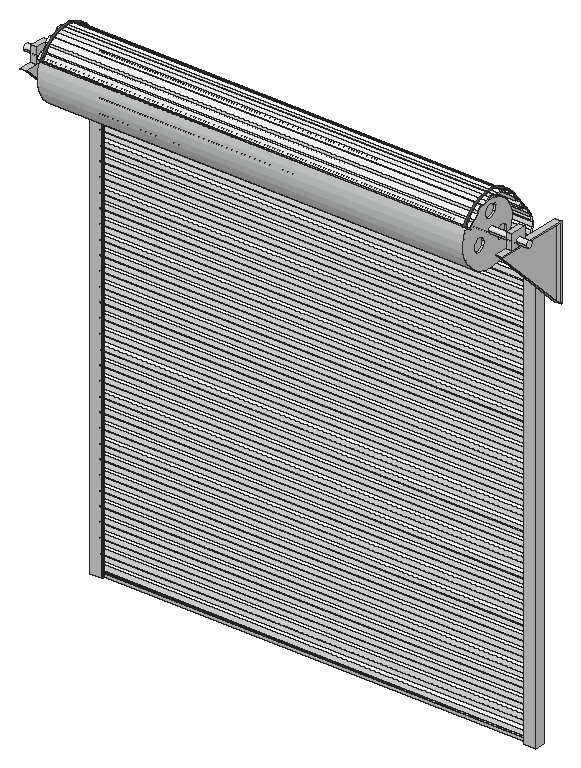
Revit family "Doors_Industrial_Overhead-Door-Corporation_ProStar-Rolling-Steel-Sheet-Doors-790CW_", category Specialty Equipment, host Wall, Revit 2019
Family settings
  Host = Wall
  Round Connector Dimension = Use Diameter
  Part Type = Normal
  OmniClass Number = 23.30.10.21.34
  OmniClass Title = Industrial Doors
  Always vertical = Yes
  Cut with Voids When Loaded = No
  Shared = No
  Room Calculation Point = No
Parameters (values of type "‏​Manual push-up")
  Voltage = 0 V
  True Opening Width [instance] = Clear Width  # 100"
  True Opening Height [instance] = Clear Height  # 100"
  Slat Height = 3 91/256" * 3  # 10 17/256"
  Product Page URL = "https://www.overheaddoor.com/rolling-steel-sheet-doors-790cw"
  Slat Length [instance] = [Opening Width (Real)] + 1/4" * 2 + 1 77/256" * 2  # 103 13/128"
  Power Factor = 1
  Opening Width [instance] = 100"
  Opening Height [instance] = 100"
  Number of Poles = 1
  Motor Type [instance] = "RMZ Wall Mount"  # constant formula
  Min Opening Width [instance] = 96"  # constant formula
  Min Opening Height [instance] = 96"  # constant formula
  Max Opening Width [instance] = 240"  # constant formula
  Max Opening Height [instance] = 192"  # constant formula
  Headroom Height [instance] = 23"  # constant formula
  Opening Width (Real) [instance] = if(Opening Width < Min Opening Width, Min Opening Width, if(Opening Width > Max Opening Width, Max Opening Width, Opening Width))  # 100"
  Opening Height (Real) [instance] = if(Opening Height < Min Opening Height, Min Opening Height, if(Opening Height > Max Opening Height, Max Opening Height, Opening Height))  # 100"
  URL = "https://www.overheaddoor.com/"
  Product data url = "https://www.bimobject.com/overhead-door/product/rolling-steel-sheet-doors-790cw"
  Product Guid = "31ea9244-d163-47bf-8a72-29b8d9e5b7aa"
  Model = "790CW"  # constant formula
  Manufacturer = "Overhead Door Corporation"  # constant formula
  Wall Closure = By host
  Frequency = 0 Hz
  Floor To (CL) of Shaft [instance] = [Opening Height (Real)] + 13 95/128" + 1"  # 114 95/128"
  Finish Material = Metal - Overhead Door - Galvanized Steel
  Electrical Operator = no
  Description = "MODEL 790CW COMMERCIAL WINDLOAD SHEET DOOR"  # constant formula
  Curtain Material [instance] = Steel - Overhead Door - White
  Current = 0 A
  Connection Offset [instance] = [Floor To (CL) of Shaft] - Array Length - 1 3/16" + 1/256"  # 2 53/64"
  Clear Width [instance] = [Opening Width (Real)]  # 100"
  Clear Height [instance] = [Opening Height (Real)]  # 100"
  Chain Hoist = no
  Backroom Depth [instance] = 21"  # constant formula
  Array Length [instance] = (Array) * Slat Height  # 110 187/256"
  Array [instance] = rounddown(([Opening Height (Real)] - 1 3/16" + 11 145/256" + 1") / Slat Height)  # 11
  Apparent Load Phase 1 = Voltage * Current  # 0 VA
Reference planes (in)
  plane 1 "Center (Front/Back)": y = 0
  plane 2 "Center (Left/Right)": x = 0
  plane 3 "Left": x = -50
  plane 4 "Right": x = 50
  plane 5 "Exterior": y = 1.5
  plane 6 "Interior": y = -4.5
  plane 7: x = 50
  plane 8: x = -50
  plane 9: z = 100
  plane 10 "Top": z = 123
  plane 11 "Main": y = -5.75
  plane 12: y = -25.5
  plane 13 "Main Door Block": y = -4.5
  plane 14: z = 47.47
  plane 15 "Bottom Bar": z = 1.1875
  plane 16: x = 52.5
  plane 17: x = -52.5
  plane 18: y = -5.253
  plane 19: y = -6.048
  plane 20: z = 111.91797
  plane 21: z = 114.74219
  plane 22: z = 11.25391
Lines and regions (in)
  Opening 1
    outline origin (-90, -4.5, 0) x (1, 0, 0) y (0, 0, 1)
      loop
        line (40, 0) -> (140, 0) -> (140, 100) -> (40, 100) -> (40, 0)
Text (in)
  text "Exterior" at (-74.96733, 27.31104, 0), in view "Ref. Level"
  text "Interior" at (-74.96733, -25.14366, 0), in view "Ref. Level"
  text "Exterior" at (0, 40.15149, 123.01588), in view "Right"
  text "Interior" at (0, -64.39139, 123.01588), in view "Right"
  text "Interior" at (0, -31.01599, 123.00693), in view "Left"
  text "Exterior" at (0, 54.57065, 123.00693), in view "Left"
Dimensions and locks (in)
  equal spacing: plane 3 "Left", plane 2 "Center (Left/Right)", plane 4 "Right"
  level to host wall = 459.59655"
  "Opening Height (Real)": level to plane 9
  plane 8 to plane 2 "Center (Left/Right)" to plane 7 = 50", 50"
  "Headroom Height": plane 9 to plane 10 "Top"
  locked: plane 13 "Main Door Block" to plane 11 "Main" at 1.25
  locked: plane 1 "Center (Front/Back)" to plane 6 "Interior" at 4.5
  locked: plane 8 to plane 17 at 2.5
  locked: plane 16 to plane 7 at 2.5
  locked: plane 5 "Exterior" to plane 1 "Center (Front/Back)" at 1.5
  equal spacing: plane 7, plane 2 "Center (Left/Right)", plane 8
  locked: plane 18 to plane 11 "Main" at 0.497
  "Opening Width (Real)": plane 7 to plane 8
  "Backroom Depth": plane 12 to plane 6 "Interior"
  locked: plane 11 "Main" to plane 19 at 0.298
  plane 19 to plane 11 "Main" = 0.298"
  locked: plane 15 "Bottom Bar" to level at 1.1875
  "Array Length": plane 20 to plane 15 "Bottom Bar"
  "Floor To (CL) of Shaft": plane 21 to level
  "Slat Height": plane 22 to plane 15 "Bottom Bar"
  equal spacing: group 1, group 2, group 3, group 4, group 5, group 6, group 7, group 8, group 9, group 10, group 11  (x3)
  locked: plane 12 to nested 3 at 8.257
  aligned and locked: Opening 1 sketch curve to level
  aligned and locked: plane 5 "Exterior" to host wall
  aligned and locked: host wall to plane 6 "Interior"
  aligned and locked: plane 8 to Opening 1 sketch curve
  aligned and locked: plane 7 to Opening 1 sketch curve
  aligned and locked: Opening 1 sketch curve to plane 9
  aligned and locked: plane 13 "Main Door Block" to plane 6 "Interior"
  aligned and locked: plane 21 to nested 3
  aligned and locked: plane 2 "Center (Left/Right)" to nested 3
  aligned and locked: plane 15 "Bottom Bar" to nested 2
  aligned and locked: plane 22 to nested 4
  aligned and locked: plane 19 to nested 2
  aligned and locked: plane 19 to nested 4
  aligned and locked: plane 2 "Center (Left/Right)" to nested 2
  aligned and locked: plane 2 "Center (Left/Right)" to nested 4
  aligned and locked: nested 1 to plane 6 "Interior"
  aligned and locked: level to nested 1
  aligned and locked: nested 1 to plane 2 "Center (Left/Right)"
  aligned and locked: plane 7 to nested 13
  aligned and locked: plane 21 to nested 13
Nested families (in)
  nested 1: "Lifts" at (0, -4.5, 0) x (-1, 0, 0) z (0, 0, 1), type "Frame Unit"
  nested 2: "Slat" at (0, -6.048, 1.1875), type "Slat"
  nested 3: "Top Slat" at (0, -17.243, 114.74219), type "Top Slat"
  nested 4: "Slat" at (0, -6.048, 11.25391), type "Slat"
  nested 5: "Slat" at (0, -6.048, 21.32031), type "Slat"
  nested 6: "Slat" at (0, -6.048, 31.38672), type "Slat"
  nested 7: "Slat" at (0, -6.048, 41.45313), type "Slat"
  nested 8: "Slat" at (0, -6.048, 51.51953), type "Slat"
  nested 9: "Slat" at (0, -6.048, 61.58594), type "Slat"
  nested 10: "Slat" at (0, -6.048, 71.65234), type "Slat"
  nested 11: "Slat" at (0, -6.048, 81.71875), type "Slat"
  nested 12: "Slat" at (0, -6.048, 91.78516), type "Slat"
  nested 13: "Operator" at (50, -17.243, 114.74219), type "Family1"
  nested 14: "Slat" at (0, -6.048, 101.85156), type "Slat"
Connectors (in)
  electrical at (55.75, -17.243, 114.74219), driven by "Number of Poles", driven by "Voltage", driven by "Power Factor"
    settings: on nested 13, index 1, voltage 0 V, apparent load 0 VA, apparent load phase1 0 VA, apparent load phase2 0 VA, apparent load phase3 0 VA, power factor 1, load classification "Other", number of poles 1, system type 31, power factor state 1, is connector primary yes, connector utility no, sub classification motor no, connector description "Electrical Connector"
Definition of nested family "Lifts"
  Parameters (values of type "Frame Unit")
    Shaft Radius = 3/4"  # constant formula
    Shaft Material = none
    Setback = 1/4"  # constant formula
    Right Shaft Offset = 10"
    Resin Support Outter Radius = 8.257"  # constant formula
    Resin Support Inner Radius = 8.187"  # constant formula
    Resin Stopper Radius = 1 1/2"  # constant formula
    Resin Muft Offset = 2.141"  # constant formula
    Resin Elements Material = none
    Opening Width = 100"
    Muft Outter Radius = 8.257"  # constant formula
    Muft Inner Radius = 6 3/8"  # constant formula
    Left Shaft Offset = 10"
    J Offset = 11.743" + 1"  # 12.743"
    Headroom Height = 23"
    Header Width = 21"
    H = 12.243" + 1"  # 13.243"
    Guide Width R Real = Guid Width + Setback  # 3 1/4"
    Guide Width L Real = Guid Width + Setback  # 3 1/4"
    Guid Width = 3"  # constant formula
    Opening Height = 100"
    Floor To (CL) of Shaft = Opening Height + 13.742" + 1"  # 114.742"
    Finish Material = none
    Default Elevation = 48"
    Analytic Construction = "<None>"
  Reference planes (in)
    plane 1 "Center (Front/Back)": y = 0
    plane 2: z = 0
    plane 3 "Center (Left/Right)": x = 0
    plane 4 "Left": x = -50
    plane 5 "Right": x = 50
    plane 6 "Opening Height": z = 100
    plane 7: x = -60
    plane 8: x = 60
    plane 9: z = 123
    plane 10: y = 21
    plane 11: x = -25
    plane 12: x = 25
    plane 13: z = 114.742
    plane 14: y = 12.743
    plane 15: x = -51.55
    plane 16: x = 51.55
    plane 17: x = 53.25
    plane 18: x = -53.25
    plane 19: z = 113.243
    plane 20: x = 57
    plane 21: x = 50.75
    plane 22: x = -50.75
  Forms (in)
    Extrusion 1, solid, material <- "Finish Material"
      sketch origin (0, 0, 0) x (1, 0, 0) y (0, 1, 0)
        loop
          line (-53.25, 0) -> (-50.375, 0)
          arc (-50.375, 0) -> (-50.28661, 0.03661) -> (-50.25, 0.125) r 0.125
          line (-50.25, 0.125) -> (-50.25, 0.625)
          arc (-50.25, 0.625) -> (-50.26831, 0.66919) -> (-50.3125, 0.6875) r 0.0625
          line (-50.3125, 0.6875) -> (-51.55, 0.6875) -> (-51.55, 1.78125) -> (-50.325, 1.78125)
          arc (-50.325, 1.78125) -> (-50.27197, 1.80322) -> (-50.25, 1.85625) r 0.075
          line (-50.25, 1.85625) -> (-50.25, 2.21875)
          arc (-50.25, 2.21875) -> (-50.28661, 2.30714) -> (-50.375, 2.34375) r 0.125
          line (-50.375, 2.34375) -> (-53.25, 2.34375) -> (-53.25, 0)
        loop
          line (53.25, 0) -> (53.25, 2.34375) -> (50.3625, 2.34375)
          arc (50.3625, 2.34375) -> (50.28295, 2.3108) -> (50.25, 2.23125) r 0.1125
          line (50.25, 2.23125) -> (50.25, 1.85625)
          arc (50.25, 1.85625) -> (50.27197, 1.80322) -> (50.325, 1.78125) r 0.075
          line (50.325, 1.78125) -> (51.55, 1.78125) -> (51.55, 0.6875) -> (50.3125, 0.6875)
          arc (50.3125, 0.6875) -> (50.26831, 0.66919) -> (50.25, 0.625) r 0.0625
          line (50.25, 0.625) -> (50.25, 0.125)
          arc (50.25, 0.125) -> (50.28661, 0.03661) -> (50.375, 0) r 0.125
          line (50.375, 0) -> (53.25, 0)
      from 100 to 0
    Extrusion 2, solid, material <- "Finish Material"
      sketch origin (0, 0, 0) x (0, 1, 0) y (0, 0, 1)
        loop
          line (2.0625, 1) -> (2.0625, 1.1875) -> (1.45087, 1.1875) -> (1.45087, 2.125) -> (-0.15187, 2.125) -> (-0.3125, 1.96437) -> (-0.3125, 1.34813) -> (-0.15187, 1.1875) -> (0, 1.1875) -> (0, 1) -> (2.0625, 1)
      from -51.55 to 51.55
    Extrusion 3, solid, material <- "Finish Material"
      sketch origin (0, 0, 0) x (0, 1, 0) y (0, 0, 1)
        loop
          line (0.73437, 1) -> (0.73437, 0) -> (1.73437, 0) -> (1.73437, 1) -> (0.73437, 1)
      from -51.55 to 51.55
    Extrusion 4, solid, material <- "Shaft Material"
      sketch origin (0, 0, 0) x (0, 1, 0) y (0, 0, 1)
        loop
          circle (12.743, 114.742) r 0.75
      from -60 to 60
    Extrusion 5, solid, material <- "Finish Material"
      sketch origin (-53.25, 0, 100) x (0, 0, 1) y (0, -1, 0)
        loop
          line (13.243, -14.568) -> (16.893, -14.568) -> (16.893, -10.918) -> (13.243, -10.918) -> (13.243, 0) -> (-4.5, 0) -> (13.243, -17.743) -> (13.243, -14.568)
      from -4.25 to -2.75
    Extrusion 6, solid, material <- "Finish Material"
      sketch origin (53.25, 0, 100) x (0, 0, 1) y (0, -1, 0)
        loop
          line (13.243, -14.568) -> (16.893, -14.568) -> (16.893, -10.918) -> (13.243, -10.918) -> (13.243, 0) -> (-4.5, 0) -> (13.243, -17.743) -> (13.243, -14.568)
      from 4.25 to 2.75
    Extrusion 7, void
      sketch origin (0, 0, 0) x (1, 0, 0) y (0, 1, 0)
        loop
          line (50, -0.3125) -> (51.55, -0.3125) -> (51.55, 0.125) -> (50, 0.125) -> (50, -0.3125)
        loop
          line (-50, -0.3125) -> (-50, 0.125) -> (-51.55, 0.125) -> (-51.55, -0.3125) -> (-50, -0.3125)
      from 0 to 2.125
    Extrusion 8, solid, material <- "Finish Material"
      sketch origin (0, 12.743, 114.742) x (0, 0.906308, 0.422618) y (0, -0.422618, 0.906308)
        loop
          arc (6.375, 0) -> (0, 6.375) -> (-6.375, 0) r 6.375
          line (-6.375, 0) -> (-8.257, 0)
          arc (-8.257, 0) -> (0, -8.257) -> (8.257, 0) r 8.257
          line (8.257, 0) -> (6.375, 0)
        loop
          circle (1.658, 3.5556) r 1.625
        loop
          circle (2.25024, -3.21367) r 1.625
        loop
          circle (-3.90824, -0.34193) r 1.625
      from 50.75 to -50.75
    Extrusion 9, solid, material <- "Finish Material"
      sketch origin (0, 0, 0) x (0, 1, 0) y (0, 0, 1)
        loop
          circle (12.743, 114.742) r 6.375
      from -50 to 50
    Extrusion 10, void
      sketch origin (53.25, 0, 100) x (0, 0, 1) y (-1, 0, 0)
        loop
          line (12.963, -3.03) -> (-4.5, -3.03) -> (-4.5, -4.25) -> (12.963, -4.25) -> (12.963, -3.03)
        loop
          line (16.893, -4.25) -> (16.893, -4.1749) -> (13.243, -4.1749) -> (13.243, -4.25) -> (16.893, -4.25)
        loop
          line (16.893, -2.75) -> (13.243, -2.75) -> (13.243, -2.8251) -> (16.893, -2.8251) -> (16.893, -2.75)
      from -0.28 to -20.22638
    Extrusion 11, void
      sketch origin (-53.25, 0, 100) x (0, 0, -1) y (-1, 0, 0)
        loop
          line (-12.963, 3.03) -> (4.5, 3.03) -> (4.5, 4.25) -> (-12.963, 4.25) -> (-12.963, 3.03)
        loop
          line (-16.893, 4.25) -> (-16.893, 4.1749) -> (-13.243, 4.1749) -> (-13.243, 4.25) -> (-16.893, 4.25)
        loop
          line (-16.893, 2.75) -> (-13.243, 2.75) -> (-13.243, 2.8251) -> (-16.893, 2.8251) -> (-16.893, 2.75)
      from 0.28 to 17.743
    Sweep 12, solid, material <- "Resin Elements Material"
      path origin (0, 0, 0) x (0, 1, 0) y (0, 0, 1)
        loop
          line (0.6875, 0) -> (0.6875, 112.601) -> (6.19446, 119.77138)
          arc (6.19446, 119.77138) -> (13.64369, 122.94973) -> (20.22638, 118.23156) r 8.257
      profile origin (0, 0.6875, 56.3005) x (0, -1, 0) y (1, 0, 0)
        loop
          line (0, 50.25) -> (0, 50.75) -> (-0.07, 50.75) -> (-0.07, 50.25) -> (0, 50.25)
        loop
          line (0, -50.25) -> (-0.07, -50.25) -> (-0.07, -50.75) -> (0, -50.75) -> (0, -50.25)
  Cuts and joins
    Extrusion 11 cuts Extrusion 5
    Extrusion 10 cuts Extrusion 6
    joined: Extrusion 5, Extrusion 6
    Extrusion 7 cuts Extrusion 2
  Lines and regions (in)
    Masking region 1
      outline origin (0, 0, 0) x (1, 0, 0) y (0, 1, 0)
        loop
          line (-51.55, 2.34375) -> (-53.25, 2.34375) -> (-53.25, 0) -> (-51.55, 0) -> (-51.55, 2.34375)
        loop
          line (51.55, 2.34375) -> (51.55, 0) -> (53.25, 0) -> (53.25, 2.34375) -> (51.55, 2.34375)
    Masking region 2
      outline origin (0, 0, 0) x (1, 0, 0) y (0, 1, 0)
        loop
          line (60, 11.993) -> (60, 13.493) -> (57.4249, 13.493) -> (57.4249, 14.568) -> (56.0751, 14.568) -> (56.0751, 13.493) -> (51.55, 13.493) -> (51.55, 11.993) -> (56.0751, 11.993) -> (56.0751, 10.918) -> (57.4249, 10.918) -> (57.4249, 11.993) -> (60, 11.993)
        loop
          line (-60, 11.993) -> (-57.4249, 11.993) -> (-57.4249, 10.918) -> (-56.0751, 10.918) -> (-56.0751, 11.993) -> (-51.55, 11.993) -> (-51.55, 13.493) -> (-56.0751, 13.493) -> (-56.0751, 14.568) -> (-57.4249, 14.568) -> (-57.4249, 13.493) -> (-60, 13.493) -> (-60, 11.993)
    Masking region 3
      outline origin (0, 0, 0) x (1, 0, 0) y (0, 1, 0)
        loop
          line (-56, 0) -> (-56, 17.743) -> (-57.5, 17.743) -> (-57.5, 0) -> (-56, 0)
        loop
          line (56, 17.743) -> (56, 0) -> (57.5, 0) -> (57.5, 17.743) -> (56, 17.743)
    Masking region 4
      outline origin (0, 0, 0) x (1, 0, 0) y (0, 1, 0)
        loop
          line (-53.25, 2.34375) -> (-53.25, 0) -> (-50.375, 0)
          arc (-50.375, 0) -> (-50.28661, 0.03661) -> (-50.25, 0.125) r 0.125
          line (-50.25, 0.125) -> (-50.25, 0.625)
          arc (-50.25, 0.625) -> (-50.26831, 0.66919) -> (-50.3125, 0.6875) r 0.0625
          line (-50.3125, 0.6875) -> (-51.55, 0.6875) -> (-51.55, 1.78125) -> (-50.75, 1.78125) -> (-50.75, 2.34375) -> (-53.25, 2.34375)
        loop
          line (53.25, 2.34375) -> (50.75, 2.34375) -> (50.75, 1.78125) -> (51.55, 1.78125) -> (51.55, 0.6875) -> (50.3125, 0.6875)
          arc (50.3125, 0.6875) -> (50.26831, 0.66919) -> (50.25, 0.625) r 0.0625
          line (50.25, 0.625) -> (50.25, 0.125)
          arc (50.25, 0.125) -> (50.28661, 0.03661) -> (50.375, 0) r 0.125
          line (50.375, 0) -> (53.25, 0) -> (53.25, 2.34375)
    Masking region 5
      outline origin (0, 0, 0) x (1, 0, 0) y (0, 1, 0)
        loop
          line (-50.75, 20.22638) -> (-50.75, 0.6875) -> (-50.25, 0.6875) -> (-50.25, 20.22638) -> (-50.75, 20.22638)
        loop
          line (50.25, 0.6875) -> (50.75, 0.6875) -> (50.75, 20.22638) -> (50.25, 20.22638) -> (50.25, 0.6875)
    reference lines
      curve 1: line (53.25, 0, 100) -> (53.25, 0, 109.583)
      curve 2: line (-53.25, 0, 100) -> (-53.25, 0, 109.583)
      curve 3: line (0, 12.743, 114.742) -> (0, 21, 118.5923)
    symbolic lines
      curve 4: line (56.0751, 10.918, 0) -> (56.0751, 14.568, 0)
      curve 5: line (57.4249, 14.568, 0) -> (57.4249, 10.918, 0)
      curve 6: line (-57.4249, 10.918, 0) -> (-57.4249, 14.568, 0)
      curve 7: line (-56.0751, 14.568, 0) -> (-56.0751, 10.918, 0)
  Dimensions and locks (in)
    equal spacing: plane 4 "Left", plane 3 "Center (Left/Right)", plane 5 "Right"
    "Opening Width": plane 4 "Left" to plane 5 "Right"
    "Opening Height": plane 6 "Opening Height" to level
    "Guide Width L Real": Extrusion 1 sketch curve to plane 4 "Left"
    locked: Extrusion 1 sketch curve to Extrusion 1 sketch curve at 2.34375
    "Headroom Height": plane 9 to plane 6 "Opening Height"
    plane 10 to plane 1 "Center (Front/Back)" = 21"
    "Header Width": plane 10 to plane 1 "Center (Front/Back)"
    locked: Extrusion 1 sketch curve to Extrusion 1 sketch curve at 0.5625
    locked: Extrusion 1 sketch curve to Extrusion 1 sketch curve at 0.6875
    locked: Extrusion 3 sketch curve to level at 1
    locked: Extrusion 2 sketch curve to level at 2.125
    locked: Extrusion 2 sketch curve to level at 1.1875
    locked: Extrusion 2 sketch curve to Extrusion 2 sketch curve at 1.125
    locked: Extrusion 2 sketch curve to Extrusion 2 sketch curve at 0.16063  (x2)
    locked: Extrusion 7 sketch curve to plane 1 "Center (Front/Back)" at 0.3125  (x2)
    locked: plane 1 "Center (Front/Back)" to Extrusion 7 sketch curve at 0.125
    equal spacing: plane 4 "Left", plane 11, plane 3 "Center (Left/Right)"
    equal spacing: plane 5 "Right", plane 12, plane 3 "Center (Left/Right)"
    "Floor To (CL) of Shaft": plane 13 to plane 2
    "J Offset": plane 14 to plane 1 "Center (Front/Back)"
    locked: curve 1 to curve 1 at 9.583
    locked: curve 2 to curve 2 at 9.583
    "Setback": Extrusion 1 sketch curve to plane 4 "Left"
    locked: Extrusion 1 sketch curve to Extrusion 1 sketch curve at 1.3  (x2)
    "Setback": plane 5 "Right" to Extrusion 1 sketch curve
    "Guide Width R Real": plane 5 "Right" to Extrusion 1 sketch curve
    locked: plane 15 to plane 4 "Left" at 1.55
    locked: plane 5 "Right" to plane 16 at 1.55
    "Guide Width R Real": plane 5 "Right" to plane 17
    "Guide Width L Real": plane 18 to plane 4 "Left"
    "Left Shaft Offset": plane 7 to plane 4 "Left"
    "Right Shaft Offset": plane 5 "Right" to plane 8
    locked: plane 1 "Center (Front/Back)" to Extrusion 3 sketch curve at 0.73437
    locked: Extrusion 3 sketch curve to Extrusion 3 sketch curve at 1
    "H": plane 19 to plane 6 "Opening Height"
    plane 5 "Right" to plane 20 = 7"
    locked: plane 5 "Right" to plane 21 at 0.75
    locked: plane 22 to plane 4 "Left" at 0.75
    locked: plane 14 to Extrusion 6 sketch curve at 5
    locked: plane 14 to Extrusion 5 sketch curve at 5
    equal spacing: Extrusion 6 sketch curve, plane 14, Extrusion 6 sketch curve
    locked: Extrusion 6 sketch curve to plane 14 at 1.825
    locked: Extrusion 6 sketch curve to plane 13 at 2.151
    equal spacing: Extrusion 5 sketch curve, plane 14, Extrusion 5 sketch curve
    locked: Extrusion 5 sketch curve to plane 14 at 1.825
    locked: Extrusion 5 sketch curve to plane 13 at 2.151
    locked: plane 1 "Center (Front/Back)" to Sweep 12 sketch curve at 0.6875
    locked: Sweep 12 sketch curve to Sweep 12 sketch curve at 0.07
    "Resin Muft Offset": plane 13 to Sweep 12 sketch curve
    "Setback": plane 5 "Right" to Sweep 12 sketch curve
    "Setback": Sweep 12 sketch curve to plane 4 "Left"
    equal spacing: Masking region 2 sketch curve, plane 14, Masking region 2 sketch curve
    "Shaft Radius": Masking region 2 sketch curve to plane 14
    radius of Extrusion 1 sketch curve = 1/16"  (x2)
    radius of Extrusion 1 sketch curve = 1/8"  (x3)
    radius of Extrusion 1 sketch curve = 0.075"  (x2)
    radius of Extrusion 1 sketch curve = 0.1125"
    "Shaft Radius": radius of Extrusion 4 sketch curve
    "Muft Inner Radius": radius of Extrusion 8 sketch curve
    "Muft Outter Radius": radius of Extrusion 8 sketch curve
    "Muft Inner Radius": radius of Extrusion 9 sketch curve
    "Resin Support Outter Radius": radius of Sweep 12 sketch curve
    locked: plane 13 to curve 3 (angle 25.00°)
    locked: Extrusion 6 sketch curve to Extrusion 6 sketch curve (angle 45.00°)
    locked: plane 19 to Extrusion 5 sketch curve (angle 45.00°)
    aligned and locked: plane 2 to level
    aligned and locked: plane 1 "Center (Front/Back)" to Extrusion 1 sketch curve
    aligned and locked: Extrusion 1 sketch curve to plane 1 "Center (Front/Back)"
    aligned and locked: Extrusion 1 sketch curve to Extrusion 1 sketch curve  (x5)
    aligned and locked: plane 7 to Extrusion 4
    aligned and locked: Extrusion 4 to plane 8
    aligned and locked: plane 6 "Opening Height" to Extrusion 1
    aligned and locked: Extrusion 3 sketch curve to level
    aligned and locked: Extrusion 2 sketch curve to Extrusion 2 sketch curve
    aligned and locked: Extrusion 7 sketch curve to plane 5 "Right"
    aligned and locked: Extrusion 7 sketch curve to plane 4 "Left"
    aligned and locked: Extrusion 7 sketch curve to Extrusion 7 sketch curve
    aligned and locked: plane 13 to Extrusion 4 sketch curve
    aligned and locked: plane 14 to Extrusion 4 sketch curve
    aligned and locked: plane 6 "Opening Height" to curve 1
    aligned and locked: plane 6 "Opening Height" to curve 2
    aligned and locked: Extrusion 7 sketch curve to plane 15
    aligned and locked: plane 15 to Extrusion 3
    aligned and locked: plane 15 to cut or joined group of Extrusion 2, Extrusion 7
    aligned and locked: Extrusion 3 to plane 16
    aligned and locked: cut or joined group of Extrusion 2, Extrusion 7 to plane 16
    aligned and locked: Extrusion 7 sketch curve to plane 16
    aligned and locked: curve 1 to plane 17
    aligned and locked: curve 2 to plane 18
    aligned and locked: Extrusion 1 to Masking region 1 sketch curve  (x2)
    aligned and locked: Masking region 1 sketch curve to Extrusion 1  (x4)
    aligned and locked: plane 14 to Extrusion 8 sketch curve
    aligned and locked: plane 13 to Extrusion 8 sketch curve
    aligned and locked: plane 14 to curve 3
    aligned and locked: plane 10 to curve 3
    aligned and locked: curve 3 to Extrusion 8 sketch curve
    aligned and locked: Extrusion 8 sketch curve to curve 3
    aligned and locked: plane 14 to Extrusion 9 sketch curve
    aligned and locked: plane 13 to Extrusion 9 sketch curve
    aligned and locked: Extrusion 8 to plane 21
    aligned and locked: Extrusion 9 to plane 5 "Right"
    aligned and locked: Extrusion 8 to plane 22
    aligned and locked: plane 4 "Left" to Extrusion 9
    aligned and locked: Extrusion 6 sketch curve to plane 19  (x2)
    aligned and locked: plane 1 "Center (Front/Back)" to Extrusion 6 sketch curve
    aligned and locked: Extrusion 5 sketch curve to plane 19  (x2)
    aligned and locked: plane 1 "Center (Front/Back)" to Extrusion 5 sketch curve
    aligned and locked: level to Sweep 12 sketch curve
    aligned and locked: Sweep 12 sketch curve to profile plane
    aligned and locked: Sweep 12 sketch curve to plane 21
    aligned and locked: Sweep 12 sketch curve to Sweep 12 sketch curve  (x2)
    aligned and locked: Sweep 12 sketch curve to plane 22
    aligned and locked: plane 13 to Sweep 12 sketch curve
    aligned and locked: plane 14 to Sweep 12 sketch curve
    aligned and locked: curve 3 to Sweep 12 sketch curve
    aligned and locked: Masking region 2 sketch curve to plane 8
    aligned and locked: cut or joined group of Extrusion 5, Extrusion 6, Extrusion 10, Extrusion 11 to Masking region 2 sketch curve  (x12)
    aligned and locked: Masking region 2 sketch curve to plane 7
    aligned and locked: Masking region 2 sketch curve to Masking region 2 sketch curve  (x6)
    aligned and locked: Masking region 3 sketch curve to cut or joined group of Extrusion 5, Extrusion 6, Extrusion 10, Extrusion 11  (x6)
    aligned and locked: cut or joined group of Extrusion 5, Extrusion 6, Extrusion 10, Extrusion 11 to Masking region 3 sketch curve  (x2)
    aligned and locked: cut or joined group of Extrusion 5, Extrusion 6, Extrusion 10, Extrusion 11 to curve 4  (x3)
    aligned and locked: cut or joined group of Extrusion 5, Extrusion 6, Extrusion 10, Extrusion 11 to curve 5  (x3)
    aligned and locked: cut or joined group of Extrusion 5, Extrusion 6, Extrusion 10, Extrusion 11 to curve 6  (x3)
    aligned and locked: cut or joined group of Extrusion 5, Extrusion 6, Extrusion 10, Extrusion 11 to curve 7  (x3)
    aligned and locked: Masking region 4 sketch curve to Extrusion 1  (x12)
    aligned and locked: Extrusion 1 to Masking region 4 sketch curve  (x2)
    aligned and locked: Sweep 12 to Masking region 4 sketch curve  (x2)
    aligned and locked: Masking region 5 sketch curve to Sweep 12  (x8)
    aligned and locked: Masking region 2 sketch curve to plane 15
    aligned and locked: Masking region 2 sketch curve to plane 16
  Automatic sketch dimensions
    Extrusion 2 sketch curve to plane 1 "Center (Front/Back)" = 0"
    plane 1 "Center (Front/Back)" to Extrusion 2 sketch curve = 0.15187"  (x2)
    Extrusion 2 sketch curve to Extrusion 2 sketch curve = 0.16063"
    Extrusion 2 sketch curve to plane 1 "Center (Front/Back)" = 1.45088"
    Extrusion 2 sketch curve to Extrusion 2 sketch curve = 0.61162"
    plane 1 "Center (Front/Back)" to Masking region 1 sketch curve = 0"
    Masking region 1 sketch curve to plane 1 "Center (Front/Back)" = 2 11/32"
    curve 3 to plane 13 = 0"
    curve 2 to Extrusion 11 sketch curve = 2.8251"
    Extrusion 11 sketch curve to curve 2 = 7.31"
    Extrusion 11 sketch curve to Extrusion 11 sketch curve = 0"  (x2)
    Extrusion 11 sketch curve to curve 2 = 3.66"
    Extrusion 11 sketch curve to Extrusion 11 sketch curve = 0.28"
    curve 2 to Extrusion 11 sketch curve = 4 1/2"
    Extrusion 11 sketch curve to Extrusion 11 sketch curve = 0.0751"  (x2)
    curve 2 to Extrusion 11 sketch curve = 3.03"
    Extrusion 11 sketch curve to Extrusion 11 sketch curve = 1.1449"
    Extrusion 11 sketch curve to Extrusion 11 sketch curve = 1.22"
    Extrusion 10 sketch curve to curve 1 = 4 1/2"
    curve 1 to Extrusion 10 sketch curve = 3.38"
    Extrusion 10 sketch curve to Extrusion 10 sketch curve = 0.28"  (x2)
    Extrusion 10 sketch curve to Extrusion 10 sketch curve = 3.65"
    Extrusion 10 sketch curve to Extrusion 10 sketch curve = 0"  (x2)
    curve 1 to Extrusion 10 sketch curve = 4 1/4"
    Extrusion 10 sketch curve to Extrusion 10 sketch curve = 0.0751"  (x2)
    Extrusion 10 sketch curve to Extrusion 10 sketch curve = 1.1449"
    Extrusion 10 sketch curve to Extrusion 10 sketch curve = 1.34981"
    Extrusion 8 sketch curve to Extrusion 8 sketch curve = 0"
    curve 3 to Extrusion 8 sketch curve = 0.34193"
    Extrusion 8 sketch curve to Extrusion 8 sketch curve = 2.46676"
    curve 3 to Extrusion 8 sketch curve = 1.658"
    curve 3 to Extrusion 8 sketch curve = 2.25024"
    Extrusion 8 sketch curve to curve 3 = 3.21367"
    curve 3 to Extrusion 8 sketch curve = 3.5556"
    radius of Extrusion 8 sketch curve = 1 5/8"  (x3)
Definition of nested family "Slat"
  Parameters (values of type "Slat")
    Slat Height = 3.354" * 3  # 10.062"
    Panel Material = none
    Opening Width = 103 13/128"
    Default Elevation = 48"
  Reference planes (in)
    plane 1 "Center (Front/Back)": y = 0
    plane 2: z = 0
    plane 3 "Center (Left/Right)": x = 0
    plane 4: z = 10.062
    plane 5: x = -51.55078
    plane 6: x = 51.55078
  Forms (in)
    Extrusion 1, solid, material <- "Panel Material"
      sketch origin (0, 0, 0) x (0, 1, 0) y (0, 0, 1)
        loop
          line (0.5962, 1.67027) -> (0.5962, 2.9709) -> (0.04, 3.375) -> (0.04, 4.62025) -> (0.5962, 5.02435) -> (0.5962, 6.32497) -> (0.04, 6.72907) -> (0.04, 7.97432) -> (0.5962, 8.37842) -> (0.5962, 9.67905) -> (0.04, 10.08315) -> (0, 10.06222) -> (0.5562, 9.65812) -> (0.5562, 8.3988) -> (0, 7.9947) -> (0, 6.70815) -> (0.5562, 6.30405) -> (0.5562, 5.04473) -> (0, 4.64063) -> (0, 3.35407) -> (0.5562, 2.94997) -> (0.5562, 1.69065) -> (0, 1.28655) -> (0, 0) -> (0.04, 0) -> (0.04, 1.26617) -> (0.5962, 1.67027)
      from -51.55078 to 51.55078
  Dimensions and locks (in)
    "Slat Height": plane 4 to plane 2
    equal spacing: plane 5, plane 3 "Center (Left/Right)", plane 6
    "Opening Width": plane 5 to plane 6
    aligned and locked: plane 2 to level
    aligned and locked: plane 5 to Extrusion 1
    aligned and locked: plane 6 to Extrusion 1
  Automatic sketch dimensions
    Extrusion 1 sketch curve to plane 1 "Center (Front/Back)" = 0"  (x4)
    Extrusion 1 sketch curve to level = 0"
    Extrusion 1 sketch curve to plane 1 "Center (Front/Back)" = 0.04"  (x3)
    Extrusion 1 sketch curve to Extrusion 1 sketch curve = 0.04"  (x4)
    Extrusion 1 sketch curve to plane 1 "Center (Front/Back)" = 0.5562"  (x3)
    level to Extrusion 1 sketch curve = 1.26617"
    Extrusion 1 sketch curve to Extrusion 1 sketch curve = 0.02038"  (x6)
    Extrusion 1 sketch curve to Extrusion 1 sketch curve = 0.4041"  (x5)
    Extrusion 1 sketch curve to Extrusion 1 sketch curve = 1.25932"  (x2)
    Extrusion 1 sketch curve to Extrusion 1 sketch curve = 0.02093"  (x5)
    Extrusion 1 sketch curve to Extrusion 1 sketch curve = 1.24525"
    Extrusion 1 sketch curve to Extrusion 1 sketch curve = 1.26617"
    Extrusion 1 sketch curve to plane 4 = 0.40388"
    plane 4 to Extrusion 1 sketch curve = 0.00022"
    plane 4 to Extrusion 1 sketch curve = 0.02115"
Definition of nested family "Top Slat"
  Parameters (values of type "Top Slat")
    Slat Height = 3.354"  # constant formula
    Primar Offset = 2 53/64"
    Panel Material = none
    Opening Width = 103 13/128"
    Offset 2 = if(Primar Offset > Slat Height * 2 + 2.175", Slat Height, 0")  # 0"
    Offset 1 = if(Primar Offset > Slat Height + 2.175", Slat Height, 0")  # 0"
    Default Elevation = 48"
    2nd Slat = if(Offset 2 = 0", 1 = 2, 1 = 1)  # no
    1st Slat = if(Offset 1 = 0", 1 = 2, 1 = 1)  # no
  Reference planes (in)
    plane 1 "Center (Front/Back)": y = 0
    plane 2: z = 0
    plane 3 "Center (Left/Right)": x = 0
    plane 4: x = -51.55078
    plane 5: x = 51.55078
  Forms (in)
    Extrusion 1, solid, material <- "Panel Material"
      sketch origin (0, -2.21749, 3.375) x (0, 1, 0) y (0, 0, 1)
        loop
          line (10.95902, -2.50599) -> (10.16621, -1.54574) -> (10.33784, -0.88) -> (9.50977, 0.12295) -> (8.80388, 0.07924)
          arc (8.80388, 0.07924) -> (8.49771, 0.60905) -> (8.14904, 1.11191) r 7.43816
          line (8.14904, 1.11191) -> (8.2539, 1.79485) -> (7.32987, 2.71017) -> (6.64852, 2.59895)
          arc (6.64852, 2.59895) -> (6.13875, 2.94542) -> (5.60204, 3.2485) r 7.43816
          line (5.60204, 3.2485) -> (5.3989, 3.90891) -> (4.16842, 4.33026) -> (3.60357, 3.93332)
          arc (3.60357, 3.93332) -> (2.99378, 4.02311) -> (2.37865, 4.0621) r 7.43816
          line (2.37865, 4.0621) -> (1.90809, 4.56805) -> (0.61695, 4.41126) -> (0.28145, 3.80789)
          arc (0.28145, 3.80789) -> (-0.30099, 3.62505) -> (-0.86648, 3.39508) r 7.43816
          line (-0.86648, 3.39508) -> (-1.51005, 3.64652) -> (-2.60504, 2.94465) -> (-2.64527, 2.25544)
          arc (-2.64527, 2.25544) -> (-3.09055, 1.83784) -> (-3.50009, 1.38513) r 7.43816
          line (-3.50009, 1.38513) -> (-4.189, 1.33218) -> (-4.87061, 0.22447) -> (-4.72055, -0.13969) -> (-4.66641, -0.16494) -> (-4.82558, 0.22133) -> (-4.16562, 1.29386) -> (-3.48014, 1.34654)
          arc (-3.48014, 1.34654) -> (-3.0618, 1.81003) -> (-2.60586, 2.2366) r 7.39816
          line (-2.60586, 2.2366) -> (-2.56584, 2.92226) -> (-1.50563, 3.60185) -> (-0.86527, 3.35166)
          arc (-0.86527, 3.35166) -> (-0.28716, 3.58752) -> (0.30877, 3.7738) r 7.39816
          line (0.30877, 3.7738) -> (0.64255, 4.37407) -> (1.89268, 4.52589) -> (2.36089, 4.02246)
          arc (2.36089, 4.02246) -> (2.98991, 3.98329) -> (3.61331, 3.89073) r 7.39816
          line (3.61331, 3.89073) -> (4.17526, 4.28564) -> (5.36666, 3.87767) -> (5.56879, 3.22056)
          arc (5.56879, 3.22056) -> (6.11792, 2.91127) -> (6.63873, 2.55637) r 7.39816
          line (6.63873, 2.55637) -> (7.31659, 2.66703) -> (8.21127, 1.78078) -> (8.10693, 1.10124)
          arc (8.10693, 1.10124) -> (8.46647, 0.58362) -> (8.78065, 0.03728) r 7.39816
          line (8.78065, 0.03728) -> (9.49225, 0.08135) -> (10.29402, -0.88975) -> (10.12239, -1.55549) -> (10.9415, -2.5476) -> (11.65309, -2.50352) -> (12.45486, -3.47463) -> (12.28082, -4.14974) -> (13.41281, -5.50386) -> (13.41281, -6.20312) -> (13.48161, -6.20312) -> (13.45281, -6.1822) -> (13.45281, -5.49244) -> (12.32739, -4.12932) -> (12.49868, -3.46488) -> (11.67061, -2.46192) -> (10.96472, -2.50564)
      from -51.55078 to 51.55078
    Extrusion 2, solid, material <- "Panel Material", visible <- "1st Slat"
      sketch origin (0, 1.16153, -2.82813) x (0, 1, 0) y (0, 0, 1)
        loop
          line (10.62998, 1.67027) -> (10.62998, 2.9709) -> (10.07378, 3.375) -> (10.03378, 3.35407) -> (10.58998, 2.94997) -> (10.58998, 1.69065) -> (10.03378, 1.28655) -> (10.03378, 0) -> (10.07378, 0) -> (10.07378, 1.26617) -> (10.62998, 1.67027)
      from -51.55078 to 51.55078
    Extrusion 3, solid, material <- "Panel Material", visible <- "2nd Slat"
      sketch origin (0, 1.16153, 0.52587) x (0, 1, 0) y (0, 0, 1)
        loop
          line (10.62998, 1.67027) -> (10.62998, 2.9709) -> (10.07378, 3.375) -> (10.03378, 3.35407) -> (10.58998, 2.94997) -> (10.58998, 1.69065) -> (10.03378, 1.28655) -> (10.03378, 0) -> (10.07378, 0) -> (10.07378, 1.26617) -> (10.62998, 1.67027)
      from -51.55078 to 51.55078
  Lines and regions (in)
    Masking region 1
      outline origin (0, 0, 0) x (1, 0, 0) y (0, 1, 0)
        loop
          line (-51.55078, -7.08811) -> (51.55078, -7.08811) -> (51.55078, 11.75151) -> (-51.55078, 11.75151) -> (-51.55078, -7.08811)
    reference lines
      curve 1: line (0, 0, -2.82813) -> (0, 15, -2.82813)
      curve 2: line (0, 0, -2.82813) -> (0, 15, -2.82813)
      curve 3: line (0, 0, -2.82813) -> (0, 15, -2.82813)
    symbolic lines
      curve 4: line (51.55078, 10.07388, 0) -> (-51.55078, 10.07388, 0)
      curve 5: line (-51.55078, 9.75558, 0) -> (51.55078, 9.75558, 0)
      curve 6: line (-51.55078, 9.06865, 0) -> (51.55078, 9.06865, 0)
      curve 7: line (-51.55078, 8.38293, 0) -> (51.55078, 8.38293, 0)
      curve 8: line (-51.55078, 7.98412, 0) -> (51.55078, 7.98412, 0)
      curve 9: line (-51.55078, 7.29719, 0) -> (51.55078, 7.29719, 0)
      curve 10: line (-51.55078, 6.58806, 0) -> (51.55078, 6.58806, 0)
      curve 11: line (-51.55078, 6.0364, 0) -> (51.55078, 6.0364, 0)
      curve 12: line (-51.55078, 5.11238, 0) -> (51.55078, 5.11238, 0)
      curve 13: line (-51.55078, 4.43102, 0) -> (51.55078, 4.43102, 0)
      curve 14: line (-51.55078, 3.38455, 0) -> (51.55078, 3.38455, 0)
      curve 15: line (-51.55078, 3.18141, 0) -> (51.55078, 3.18141, 0)
      curve 16: line (-51.55078, 1.95093, 0) -> (51.55078, 1.95093, 0)
      curve 17: line (-51.55078, 1.38608, 0) -> (51.55078, 1.38608, 0)
      curve 18: line (-51.55078, 0.16115, 0) -> (51.55078, 0.16115, 0)
      curve 19: line (-51.55078, -0.3094, 0) -> (51.55078, -0.3094, 0)
      curve 20: line (-51.55078, -1.60054, 0) -> (51.55078, -1.60054, 0)
      curve 21: line (-51.55078, -1.93604, 0) -> (51.55078, -1.93604, 0)
      curve 22: line (-51.55078, -3.08397, 0) -> (51.55078, -3.08397, 0)
      curve 23: line (-51.55078, -3.72755, 0) -> (51.55078, -3.72755, 0)
      curve 24: line (-51.55078, -4.82253, 0) -> (51.55078, -4.82253, 0)
      curve 25: line (-51.55078, -5.71758, 0) -> (51.55078, -5.71758, 0)
      curve 26: line (-51.55078, -6.4065, 0) -> (51.55078, -6.4065, 0)
  Dimensions and locks (in)
    equal spacing: plane 4, plane 3 "Center (Left/Right)", plane 5
    "Opening Width": plane 4 to plane 5
    locked: curve 1 to curve 1 at 15
    locked: curve 2 to curve 2 at 15
    locked: curve 3 to curve 3 at 15
    "Offset 2": curve 2 to curve 1
    "Offset 1": curve 3 to curve 2
    "Primar Offset": curve 3 to level
    locked: Extrusion 1 sketch curve to Extrusion 1 sketch curve at 0.0688
    locked: Extrusion 1 sketch curve to Extrusion 1 sketch curve (angle 36.00°)
    aligned and locked: plane 2 to level
    aligned and locked: plane 4 to Extrusion 1
    aligned and locked: plane 5 to Extrusion 1
    aligned and locked: plane 1 "Center (Front/Back)" to curve 1
    aligned and locked: plane 1 "Center (Front/Back)" to curve 2
    aligned and locked: plane 1 "Center (Front/Back)" to curve 3
    aligned and locked: curve 1 to Extrusion 1 sketch curve
    aligned and locked: plane 4 to Extrusion 2
    aligned and locked: plane 5 to Extrusion 2
    aligned and locked: plane 4 to Extrusion 3
    aligned and locked: plane 5 to Extrusion 3
    aligned and locked: Masking region 1 sketch curve to plane 4
    aligned and locked: Masking region 1 sketch curve to Extrusion 1
    aligned and locked: plane 5 to Masking region 1 sketch curve
    aligned and locked: Masking region 1 sketch curve to Extrusion 3
    aligned and locked: plane 4 to curve 5
    aligned and locked: plane 4 to curve 4
    aligned and locked: plane 4 to curve 6
    aligned and locked: plane 4 to curve 7
    aligned and locked: plane 4 to curve 8
    aligned and locked: plane 4 to curve 9
    aligned and locked: plane 4 to curve 10
    aligned and locked: plane 4 to curve 11
    aligned and locked: plane 4 to curve 12
    aligned and locked: plane 4 to curve 13
    aligned and locked: plane 4 to curve 14
    aligned and locked: plane 4 to curve 15
    aligned and locked: plane 4 to curve 16
    aligned and locked: plane 4 to curve 17
    aligned and locked: plane 4 to curve 18
    aligned and locked: plane 4 to curve 19
    aligned and locked: plane 4 to curve 20
    aligned and locked: plane 4 to curve 21
    aligned and locked: plane 4 to curve 22
    aligned and locked: plane 4 to curve 23
    aligned and locked: plane 4 to curve 24
    aligned and locked: plane 4 to curve 25
    aligned and locked: plane 4 to curve 26
    aligned and locked: plane 5 to curve 26
    aligned and locked: plane 5 to curve 25
    aligned and locked: plane 5 to curve 24
    aligned and locked: plane 5 to curve 23
    aligned and locked: plane 5 to curve 22
    aligned and locked: plane 5 to curve 21
    aligned and locked: plane 5 to curve 20
    aligned and locked: plane 5 to curve 19
    aligned and locked: plane 5 to curve 18
    aligned and locked: plane 5 to curve 17
    aligned and locked: plane 5 to curve 16
    aligned and locked: plane 5 to curve 15
    aligned and locked: plane 5 to curve 14
    aligned and locked: plane 5 to curve 13
    aligned and locked: plane 5 to curve 12
    aligned and locked: plane 5 to curve 11
    aligned and locked: plane 5 to curve 10
    aligned and locked: plane 5 to curve 9
    aligned and locked: plane 5 to curve 8
    aligned and locked: plane 5 to curve 7
    aligned and locked: plane 5 to curve 6
    aligned and locked: plane 5 to curve 5
    aligned and locked: plane 5 to curve 4
  Automatic sketch dimensions
    curve 3 to Extrusion 2 sketch curve = 0"
    Extrusion 2 sketch curve to curve 3 = 3 103/128"
    Extrusion 2 sketch curve to Extrusion 2 sketch curve = 0"
    Extrusion 2 sketch curve to Extrusion 2 sketch curve = 0.04"  (x3)
    Extrusion 2 sketch curve to curve 3 = 1.69065"
    Extrusion 2 sketch curve to Extrusion 2 sketch curve = 0.5162"
    Extrusion 2 sketch curve to curve 3 = 1.67027"
    Extrusion 2 sketch curve to Extrusion 2 sketch curve = 0.42448"
    Extrusion 2 sketch curve to Extrusion 2 sketch curve = 0.02038"
    Extrusion 2 sketch curve to Extrusion 2 sketch curve = 1.25932"
    Extrusion 2 sketch curve to Extrusion 2 sketch curve = 0.02093"  (x2)
    Extrusion 2 sketch curve to Extrusion 2 sketch curve = 0.4041"
    Extrusion 3 sketch curve to curve 3 = 3 103/128"
    Extrusion 3 sketch curve to Extrusion 3 sketch curve = 0"
    Extrusion 3 sketch curve to Extrusion 3 sketch curve = 0.04"  (x3)
    Extrusion 3 sketch curve to Extrusion 3 sketch curve = 0.5162"
    Extrusion 3 sketch curve to curve 3 = 3.354"
    Extrusion 3 sketch curve to Extrusion 3 sketch curve = 1.26617"
    Extrusion 3 sketch curve to Extrusion 3 sketch curve = 0.02038"  (x2)
    Extrusion 3 sketch curve to Extrusion 3 sketch curve = 0.4041"  (x2)
    Extrusion 3 sketch curve to Extrusion 3 sketch curve = 1.25932"
    Extrusion 3 sketch curve to Extrusion 3 sketch curve = 0.02093"  (x2)
    plane 1 "Center (Front/Back)" to curve 26 = 6.4065"
    curve 26 to curve 25 = 0.68892"
    curve 25 to curve 24 = 0.89505"
    curve 24 to curve 23 = 1.09499"
    curve 23 to curve 22 = 0.64357"
    curve 22 to curve 21 = 1.14793"
    curve 21 to curve 20 = 0.3355"
    plane 1 "Center (Front/Back)" to curve 19 = 0.3094"
    curve 18 to plane 1 "Center (Front/Back)" = 0.16115"
    curve 18 to curve 17 = 1.22493"
    curve 17 to curve 16 = 0.56485"
    curve 16 to curve 15 = 1 59/256"
    curve 15 to curve 14 = 13/64"
    curve 14 to curve 13 = 1.04647"
    curve 13 to curve 12 = 0.68136"
    curve 12 to curve 11 = 0.92402"
    curve 11 to curve 10 = 0.55166"
    curve 10 to curve 9 = 0.70913"
    curve 9 to curve 8 = 0.68693"
    curve 8 to curve 7 = 0.39881"
    curve 7 to curve 6 = 0.68572"
    curve 6 to curve 5 = 0.68693"
    curve 5 to curve 4 = 0.3183"
    Extrusion 1 sketch curve to Extrusion 1 sketch curve = 0"  (x18)
    plane 1 "Center (Front/Back)" to Extrusion 1 sketch curve = 7.08811"
    Extrusion 1 sketch curve to Extrusion 1 sketch curve = 0.04503"
    level to Extrusion 1 sketch curve = 3.23531"
    Extrusion 1 sketch curve to Extrusion 1 sketch curve = 0.10502"
    level to Extrusion 1 sketch curve = 3.21006"
    Extrusion 1 sketch curve to Extrusion 1 sketch curve = 0.05414"
    Extrusion 1 sketch curve to Extrusion 1 sketch curve = 0.63658"
    Extrusion 1 sketch curve to Extrusion 1 sketch curve = 0.02339"
    Extrusion 1 sketch curve to Extrusion 1 sketch curve = 0.66553"
    Extrusion 1 sketch curve to Extrusion 1 sketch curve = 0.01995"
    Extrusion 1 sketch curve to Extrusion 1 sketch curve = 0.85482"
    Extrusion 1 sketch curve to Extrusion 1 sketch curve = 0.03941"
    Extrusion 1 sketch curve to Extrusion 1 sketch curve = 0.04023"
    Extrusion 1 sketch curve to Extrusion 1 sketch curve = 0.0392"
    Extrusion 1 sketch curve to Extrusion 1 sketch curve = 1.05579"
    Extrusion 1 sketch curve to Extrusion 1 sketch curve = 0.00443"
    Extrusion 1 sketch curve to Extrusion 1 sketch curve = 0.63914"
    Extrusion 1 sketch curve to Extrusion 1 sketch curve = 0.00122"
    Extrusion 1 sketch curve to Extrusion 1 sketch curve = 1.14793"
    Extrusion 1 sketch curve to Extrusion 1 sketch curve = 0.02732"
    Extrusion 1 sketch curve to Extrusion 1 sketch curve = 0.3355"
    Extrusion 1 sketch curve to Extrusion 1 sketch curve = 0.02559"
    plane 1 "Center (Front/Back)" to Extrusion 1 sketch curve = 0.32481"
    Extrusion 1 sketch curve to Extrusion 1 sketch curve = 0.01541"
    level to Extrusion 1 sketch curve = 0.00071"
    plane 1 "Center (Front/Back)" to Extrusion 1 sketch curve = 0.00144"
    Extrusion 1 sketch curve to plane 1 "Center (Front/Back)" = 0.14339"
    Extrusion 1 sketch curve to Extrusion 1 sketch curve = 0.01776"
    Extrusion 1 sketch curve to Extrusion 1 sketch curve = 1.22493"
    Extrusion 1 sketch curve to Extrusion 1 sketch curve = 0.00974"
    Extrusion 1 sketch curve to Extrusion 1 sketch curve = 0.56485"
    Extrusion 1 sketch curve to Extrusion 1 sketch curve = 0.00684"
    Extrusion 1 sketch curve to Extrusion 1 sketch curve = 1 49/256"
    Extrusion 1 sketch curve to Extrusion 1 sketch curve = 0.03224"
    Extrusion 1 sketch curve to Extrusion 1 sketch curve = 0.20212"
    Extrusion 1 sketch curve to Extrusion 1 sketch curve = 0.03325"
    Extrusion 1 sketch curve to Extrusion 1 sketch curve = 1.03669"
    Extrusion 1 sketch curve to Extrusion 1 sketch curve = 0.00979"
    Extrusion 1 sketch curve to Extrusion 1 sketch curve = 0.66807"
    Extrusion 1 sketch curve to Extrusion 1 sketch curve = 0.01328"
    Extrusion 1 sketch curve to Extrusion 1 sketch curve = 0.79034"
    Extrusion 1 sketch curve to Extrusion 1 sketch curve = 0.04211"
    Extrusion 1 sketch curve to Extrusion 1 sketch curve = 0.06223"
    Extrusion 1 sketch curve to Extrusion 1 sketch curve = 0.04263"
    level to Extrusion 1 sketch curve = 3.41228"
    Extrusion 1 sketch curve to Extrusion 1 sketch curve = 0.63162"
    level to Extrusion 1 sketch curve = 3.45424"
    Extrusion 1 sketch curve to Extrusion 1 sketch curve = 0.02322"
    level to Extrusion 1 sketch curve = 3.45635"
    Extrusion 1 sketch curve to Extrusion 1 sketch curve = 0.68837"
    level to Extrusion 1 sketch curve = 3.49795"
    Extrusion 1 sketch curve to Extrusion 1 sketch curve = 0.01752"  (x3)
    level to Extrusion 1 sketch curve = 1.81951"
    Extrusion 1 sketch curve to Extrusion 1 sketch curve = 0.63014"
    level to Extrusion 1 sketch curve = 1.82926"
    Extrusion 1 sketch curve to Extrusion 1 sketch curve = 0.04382"  (x3)
    level to Extrusion 1 sketch curve = 2.48525"
    Extrusion 1 sketch curve to Extrusion 1 sketch curve = 0.1278"
    level to Extrusion 1 sketch curve = 2.495"
    level to Extrusion 1 sketch curve = 0.8274"
    Extrusion 1 sketch curve to Extrusion 1 sketch curve = 0.77529"
    level to Extrusion 1 sketch curve = 0.87148"
    Extrusion 1 sketch curve to Extrusion 1 sketch curve = 0.71159"
    level to Extrusion 1 sketch curve = 0.91308"
    Extrusion 1 sketch curve to level = 0.09963"
    Extrusion 1 sketch curve to level = 0.08988"
    Extrusion 1 sketch curve to Extrusion 1 sketch curve = 1.08542"
    Extrusion 1 sketch curve to level = 2.11744"
    Extrusion 1 sketch curve to Extrusion 1 sketch curve = 0.04"
    Extrusion 1 sketch curve to Extrusion 1 sketch curve = 0.36102"
    Extrusion 1 sketch curve to Extrusion 1 sketch curve = 0.00314"
    Extrusion 1 sketch curve to Extrusion 1 sketch curve = 1.07254"
    Extrusion 1 sketch curve to Extrusion 1 sketch curve = 0.03832"
    Extrusion 1 sketch curve to Extrusion 1 sketch curve = 0.05268"
    Extrusion 1 sketch curve to Extrusion 1 sketch curve = 0.03858"
    Extrusion 1 sketch curve to Extrusion 1 sketch curve = 0.66887"
    Extrusion 1 sketch curve to Extrusion 1 sketch curve = 0.01407"
    Extrusion 1 sketch curve to Extrusion 1 sketch curve = 0.7756"
    Extrusion 1 sketch curve to Extrusion 1 sketch curve = 0.04257"
    Extrusion 1 sketch curve to Extrusion 1 sketch curve = 0.06808"
    Extrusion 1 sketch curve to Extrusion 1 sketch curve = 0.04314"
    Extrusion 1 sketch curve to Extrusion 1 sketch curve = 0.66682"
    Extrusion 1 sketch curve to Extrusion 1 sketch curve = 0.02238"
    Extrusion 1 sketch curve to Extrusion 1 sketch curve = 0.4294"
    Extrusion 1 sketch curve to Extrusion 1 sketch curve = 0.04342"
    Extrusion 1 sketch curve to Extrusion 1 sketch curve = 0.20677"
    Extrusion 1 sketch curve to Extrusion 1 sketch curve = 0.04467"
    Extrusion 1 sketch curve to Extrusion 1 sketch curve = 0.62917"
    Extrusion 1 sketch curve to Extrusion 1 sketch curve = 0.01306"
    Extrusion 1 sketch curve to Extrusion 1 sketch curve = 1/32"
    Extrusion 1 sketch curve to Extrusion 1 sketch curve = 0.04258"
    Extrusion 1 sketch curve to Extrusion 1 sketch curve = 0.35232"
    Extrusion 1 sketch curve to Extrusion 1 sketch curve = 0.04462"
    Extrusion 1 sketch curve to Extrusion 1 sketch curve = 0.56619"
    Extrusion 1 sketch curve to Extrusion 1 sketch curve = 0.03719"
    Extrusion 1 sketch curve to Extrusion 1 sketch curve = 0.46379"
    Extrusion 1 sketch curve to Extrusion 1 sketch curve = 0.04217"
    level to Extrusion 1 sketch curve = 0.86901"
    level to Extrusion 1 sketch curve = 0.86936"
    Extrusion 1 sketch curve to Extrusion 1 sketch curve = 0.0057"
    Extrusion 1 sketch curve to level = 0.77474"
    Extrusion 1 sketch curve to level = 0.75432"
    Extrusion 1 sketch curve to Extrusion 1 sketch curve = 0.04657"
    Extrusion 1 sketch curve to Extrusion 1 sketch curve = 0.12747"
    Extrusion 1 sketch curve to Extrusion 1 sketch curve = 0.01142"
    Extrusion 1 sketch curve to Extrusion 1 sketch curve = 0.62773"
Definition of nested family "Operator"
  Parameters (values of type "Family1")
    Main Color = none
    Floor To CL = 114 95/128"
    Electrical Operator = yes
    Default Elevation = 48"
    Connector = no
    Chain Offset = 9 1/2"  # constant formula
    Chain Hoist = no
    C V Offset = if(Electrical Operator, 25", 0")  # 25"
    C Position = if(Electrical Operator, 14.74" - 1 3/4", 5 3/4")  # 12.99"
    C H Offset = if(Electrical Operator, 8.99", 0")  # 8.99"
  Reference planes (in)
    plane 1 "Center (Front/Back)": y = 0
    plane 2: z = 0
    plane 3 "Center (Left/Right)": x = 0
    plane 4: x = 3.25
    plane 5 "1": x = 4.25
    plane 6: z = -114.74219
    plane 7: z = -84.74219
    plane 8: y = 12.74219
  Forms (in)
    Extrusion 1, solid, material <- "Main Color", visible <- "Chain Hoist"
      sketch origin (0, 0, 0) x (0, 1, 0) y (0, 0, 1)
        loop
          line (-4.325, 1.68) -> (-4.325, -9.21792) -> (-1.5, -10.72) -> (1.5, -10.72) -> (4.325, -9.21792) -> (4.325, 1.68) -> (-4.325, 1.68)
      from 4.25 to 5.75
    Sweep 2, solid, material <- "Main Color", visible <- "Chain Hoist"
      path origin (4.25, 0, 0) x (0, 1, 0) y (0, 0, 1)
        loop
          line (-2.9125, -9.5) -> (-2.9125, -84.74219)
          arc (-2.9125, -84.74219) -> (0, -87.65469) -> (2.9125, -84.74219) r 2.9125
          line (2.9125, -84.74219) -> (2.9125, -9.5)
      profile origin (4.25, -2.9125, -47.12109) x (1, 0, 0) y (0, 1, 0)
        loop
          circle (0.75, 0) r 0.3
    Extrusion 3, solid, material <- "Main Color", visible <- "Electrical Operator"
      sketch origin (10.5, 12.74219, 0) x (0, 0, 1) y (1, 0, 0)
        loop
          line (-21.125, -2.48828) -> (-21.125, 2.48828) -> (-41, 2.48828) -> (-41, -2.48828) -> (-21.125, -2.48828)
      from 0 to -7.27045
    Extrusion 4, solid, visible <- "Electrical Operator"
      sketch origin (10.5, 12.74219, -25) x (1, 0, 0) y (0, 1, 0)
        loop
          line (-2.48828, 0) -> (-4.5, 0) -> (-4.5, -0.12) -> (-2.48828, -0.12) -> (-2.48828, 0)
        loop
          line (2.48828, 0) -> (2.48828, -0.12) -> (4.5, -0.12) -> (4.5, 0) -> (2.48828, 0)
      from -16 to 3.875
    Extrusion 5, solid, material <- "Main Color", visible <- "Electrical Operator"
      sketch origin (10.5, 12.74219, -25) x (1, 0, 0) y (0, 1, 0)
        loop
          line (-4.3125, -7.27045) -> (-4.3125, -9.91303) -> (-4.5289, -9.91303) -> (-4.5289, -10.16958)
          arc (-4.5289, -10.16958) -> (-4.44116, -10.40823) -> (-4.21974, -10.53323) r 0.36846
          arc (-4.21974, -10.53323) -> (0, -10.875) -> (4.21974, -10.53323) r 26.22103
          arc (4.21974, -10.53323) -> (4.44116, -10.40823) -> (4.5289, -10.16958) r 0.36846
          line (4.5289, -10.16958) -> (4.5289, -9.91303) -> (4.3125, -9.91303) -> (4.3125, -7.27045) -> (-4.3125, -7.27045)
      from -13.12 to 3.875
    Extrusion 6, solid, material <- "Main Color", visible <- "Electrical Operator"
      sketch origin (10.5, 12.74219, -13) x (0, 0, 1) y (0, 1, 0)
        loop
          circle (-12.005, -3.75) r 0.5
      from -8 to 8
    Extrusion 7, solid, visible <- "Connector"
      sketch origin (0, 0, 0) x (0, 1, 0) y (0, 0, 1)
        loop
          circle (8.99, -25) r 1
      from 0 to 12.99 <- "C Position"
  Cuts and joins
    joined: Extrusion 3, Extrusion 6
  Lines and regions (in)
    Masking region 1, visible <- "Chain Hoist"
      outline origin (0, 0, 0) x (1, 0, 0) y (0, 1, 0)
        loop
          line (4.25, 4.325) -> (4.25, -4.325) -> (5.75, -4.325) -> (5.75, 4.325) -> (4.25, 4.325)
    Masking region 2, visible <- "Electrical Operator"
      outline origin (10.5, 12.74219, -25) x (1, 0, 0) y (0, 1, 0)
        loop
          line (4.3125, -7.27045) -> (2.48828, -7.27045) -> (2.48828, -0.12) -> (4.5, -0.12) -> (4.5, 0) -> (-3, 0) -> (-3, -0.12) -> (-2.48828, -0.12) -> (-2.48828, -7.27045) -> (-3, -7.27045) -> (-3, -10.70282)
          arc (-3, -10.70282) -> (0.61574, -10.86777) -> (4.21974, -10.53323) r 26.22103
          arc (4.21974, -10.53323) -> (4.44116, -10.40823) -> (4.5289, -10.16958) r 0.36846
          line (4.5289, -10.16958) -> (4.5289, -9.91303) -> (4.3125, -9.91303) -> (4.3125, -7.27045)
    Masking region 3, visible <- "Electrical Operator"
      outline origin (10.5, 12.74219, -25) x (1, 0, 0) y (0, 1, 0)
        loop
          line (-8, -3.25) -> (-8, -4.25) -> (-4.5, -4.25) -> (-4.5, -3.25) -> (-8, -3.25)
        loop
          line (8, -3.25) -> (2.48828, -3.25) -> (2.48828, -4.25) -> (8, -4.25) -> (8, -3.25)
        loop
          line (-3, -3.25) -> (-3, -4.25) -> (-2.48828, -4.25) -> (-2.48828, -3.25) -> (-3, -3.25)
    reference lines
      curve 1: line (10.5, 12.74219, 0) -> (10.5, 12.74219, 10)
      curve 2: line (10.5, 12.74219, -25) -> (23.5, 12.74219, -25)
    symbolic lines, visible <- "Electrical Operator"
      curve 3: line (8.01172, 12.74219, -25) -> (8.01172, 5.47173, -25)
      curve 4: line (12.98828, 5.47173, -25) -> (12.98828, 12.74219, -25)
      curve 5: line (8.01172, 5.47173, -25) -> (12.98828, 5.47173, -25)
  Dimensions and locks (in)
    Extrusion 1 sketch curve to Extrusion 1 sketch curve = 8.65"
    plane 3 "Center (Left/Right)" to plane 4 = 3 1/4"
    "Floor To CL": level to plane 6
    locked: plane 7 to plane 6 at 30
    "Chain Offset": level to Sweep 2 sketch curve  (x2)
    locked: plane 1 "Center (Front/Back)" to plane 8 at 12.74219
    locked: curve 1 to curve 1 at 10
    locked: curve 2 to curve 2 at 13
    level to curve 2 = 25"
    "C H Offset": plane 1 "Center (Front/Back)" to Extrusion 7 sketch curve
    "C V Offset": level to Extrusion 7 sketch curve
    aligned and locked: plane 2 to level
    aligned and locked: Extrusion 1 to plane 5 "1"
    aligned and locked: plane 7 to Sweep 2 sketch curve  (x2)
    aligned and locked: Masking region 1 sketch curve to Extrusion 1  (x4)
    aligned and locked: level to curve 1
    aligned and locked: Extrusion 7 to plane 3 "Center (Left/Right)"
  Automatic sketch dimensions
    plane 1 "Center (Front/Back)" to Extrusion 1 sketch curve = 4.325"
    plane 1 "Center (Front/Back)" to Extrusion 1 sketch curve = 1 1/2"
    Extrusion 1 sketch curve to plane 1 "Center (Front/Back)" = 1 1/2"
    Extrusion 1 sketch curve to level = 10.72"
    Extrusion 1 sketch curve to Extrusion 1 sketch curve = 1.50208"  (x2)
    level to Extrusion 1 sketch curve = 1.68"
    profile plane to Sweep 2 sketch curve = 0"
    plane 5 "1" to Sweep 2 sketch curve = 3/4"
    plane 5 "1" to curve 1 = 6 1/4"
    curve 2 to curve 1 = 0"
    Extrusion 3 sketch curve to curve 1 = 41"
    curve 1 to Extrusion 3 sketch curve = 2 125/256"
    Extrusion 3 sketch curve to curve 1 = 2 125/256"
    Extrusion 3 sketch curve to Extrusion 3 sketch curve = 19 7/8"
    Extrusion 4 sketch curve to curve 2 = 0"
    curve 2 to Extrusion 4 sketch curve = 0"
    Extrusion 4 sketch curve to curve 2 = 4 1/2"
    Extrusion 4 sketch curve to Extrusion 4 sketch curve = 2 3/256"  (x2)
    curve 2 to Extrusion 4 sketch curve = 0.12"  (x2)
    curve 2 to Extrusion 4 sketch curve = 4 1/2"
    Extrusion 5 sketch curve to curve 2 = 4.5289"
    Extrusion 5 sketch curve to Extrusion 5 sketch curve = 0.2164"  (x2)
    Extrusion 5 sketch curve to Extrusion 5 sketch curve = 0.15206"  (x2)
    curve 2 to Extrusion 5 sketch curve = 0"
    curve 2 to Extrusion 5 sketch curve = 4.16044"
    Extrusion 5 sketch curve to curve 2 = 10.16958"  (x2)
    Extrusion 5 sketch curve to Extrusion 5 sketch curve = 0.25654"  (x2)
    Extrusion 5 sketch curve to Extrusion 5 sketch curve = 2.64258"
    curve 2 to Extrusion 5 sketch curve = 15.34603"
    Extrusion 5 sketch curve to Extrusion 5 sketch curve = 0"
    curve 1 to Extrusion 6 sketch curve = 3 3/4"
    Extrusion 6 sketch curve to curve 1 = 25.005"
    curve 3 to curve 2 = 0"
    curve 2 to curve 4 = 0"
    curve 3 to curve 2 = 2 125/256"
    curve 2 to curve 5 = 2 125/256"
    curve 5 to curve 2 = 7.27045"
    Masking region 3 sketch curve to curve 2 = 8"
